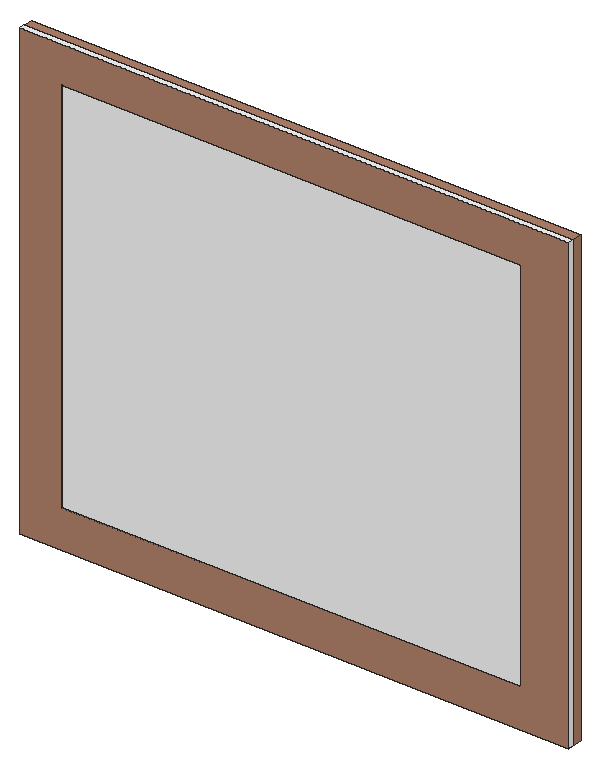
Revit family
Reference planes (in)
  plane 1: y = 0
  plane 2 "Center (Left/Right)": x = 0
  plane 3 "Wall Edge": y = 3
  plane 4: z = 127.36222
  plane 5: z = 79.36222
  plane 6: x = -36
  plane 7: x = 36
Forms (in)
  Extrusion 1, solid, material "wood"
    sketch origin (0, 3, 0) x (1, 0, 0) y (0, 0, 1)
      loop
        line (36, 127.36222) -> (-19.6576, 127.36222) -> (-19.6576, 81.36222) -> (36, 81.36222) -> (36, 127.36222)
      loop
        line (31.11903, 123.65948) -> (-15.40667, 123.65948) -> (-15.40667, 85.20849) -> (31.11903, 85.20849) -> (31.11903, 123.65948)
    from 0 to -1.5
  Extrusion 2, solid, material "Default"
    sketch origin (0, 3, 0) x (1, 0, 0) y (0, 0, 1)
      loop
        line (36, 127.36222) -> (-19.6576, 127.36222) -> (-19.6576, 81.36222) -> (36, 81.36222) -> (36, 127.36222)
    from 0 to -0.5
Lines and regions (in)
  model lines
    curve 1: line (24.26882, 3.5, 119.23335) -> (17.81727, 3.5, 120.0255)
    curve 2: line (17.81727, 3.5, 120.0255) -> (10.06727, 3.5, 120.0255)
    curve 3: line (10.06727, 3.5, 120.0255) -> (10.06727, 3.5, 119.2755)
    curve 4: line (10.06727, 3.5, 119.2755) -> (17.31727, 3.5, 119.2755)
    curve 5: line (17.31727, 3.5, 119.2755) -> (24.51323, 3.5, 118.39195)
    curve 6: line (24.51323, 3.5, 118.39195) -> (24.26882, 3.5, 119.23335)
    curve 7: line (26.10798, 3.5, 118.19614) -> (26.10798, 3.5, 117.44614)
    curve 8: line (26.10798, 3.5, 117.44614) -> (18.16761, 3.5, 118.42109)
    curve 9: line (18.16761, 3.5, 118.42109) -> (16.66761, 3.5, 118.42109)
    curve 10: line (16.66761, 3.5, 118.42109) -> (15.18773, 3.5, 119.2755)
    curve 11: line (13.69227, 3.5, 119.2755) -> (13.69227, 3.5, 111.5255)
    curve 12: line (13.69227, 3.5, 111.5255) -> (14.94227, 3.5, 111.5255)
    curve 13: line (14.94227, 3.5, 111.5255) -> (14.94227, 3.5, 118.81712)
    curve 14: line (14.94227, 3.5, 118.81712) -> (13.69227, 3.5, 118.81712)
    curve 15: line (14.69227, 3.5, 119.2755) -> (14.69227, 3.5, 118.81712)
    curve 16: line (14.94227, 3.5, 118.81712) -> (17.75685, 3.5, 117.19212)
    curve 17: line (17.75685, 3.5, 117.19212) -> (17.75685, 3.5, 111.5255)
    curve 18: line (17.16795, 3.5, 115.48004) -> (17.16795, 3.5, 111.5255)
    curve 19: line (17.16795, 3.5, 117.53212) -> (17.75685, 3.5, 115.50477)
    curve 20: line (17.16795, 3.5, 115.48004) -> (16.45175, 3.5, 117.94562)
    curve 21: line (17.75685, 3.5, 115.50477) -> (17.00685, 3.5, 115.50477)
    curve 22: line (18.19227, 3.5, 118.19614) -> (18.19227, 3.5, 111.69614)
    curve 23: line (14.56727, 3.5, 118.81712) -> (14.56727, 3.5, 111.5255)
    curve 24: line (13.69227, 3.5, 118.19614) -> (12.19227, 3.5, 118.19614)
    curve 25: line (12.19227, 3.5, 118.19614) -> (12.19227, 3.5, 118.81712)
    curve 26: line (12.19227, 3.5, 118.81712) -> (13.69227, 3.5, 118.81712)
    curve 27: line (13.19227, 3.5, 111.5255) -> (17.75685, 3.5, 111.5255)
    curve 28: arc (17.75685, 3.5, 111.5255) -> (24.47453, 3.5, 111.00313) -> (31.11903, 3.5, 109.88483) r 75.61709
    curve 29: line (13.19227, 3.5, 111.5255) -> (12.72125, 3.5, 102.53784)
    curve 30: line (12.72125, 3.5, 102.53784) -> (22.9572, 3.5, 103.07428)
    curve 31: arc (22.9572, 3.5, 103.07428) -> (26.70664, 3.5, 105.58742) -> (31.11903, 3.5, 106.53877) r 12.00836
    curve 32: line (12.72125, 3.5, 102.53784) -> (11.72125, 3.5, 100.80579)
    curve 33: line (11.72125, 3.5, 100.80579) -> (10.06727, 3.5, 100.03452)
    curve 34: line (10.06727, 3.5, 100.03452) -> (8.48123, 3.5, 99.29494)
    curve 35: line (8.48123, 3.5, 99.29494) -> (6.6851, 3.5, 95.44313)
    curve 36: line (6.6851, 3.5, 95.44313) -> (4.21023, 3.5, 92.96826)
    curve 37: line (4.21023, 3.5, 92.96826) -> (0.85147, 3.5, 89.6095)
    curve 38: line (0.85147, 3.5, 89.6095) -> (-2.64853, 3.5, 89.6095)
    curve 39: line (-2.64853, 3.5, 89.6095) -> (-4.32906, 3.5, 89.12134)
    curve 40: line (-8.40183, 3.5, 119.23335) -> (-1.95028, 3.5, 120.0255)
    curve 41: line (-1.95028, 3.5, 120.0255) -> (5.79972, 3.5, 120.0255)
    curve 42: line (5.79972, 3.5, 120.0255) -> (5.79972, 3.5, 119.2755)
    curve 43: line (5.79972, 3.5, 119.2755) -> (-1.45028, 3.5, 119.2755)
    curve 44: line (-1.45028, 3.5, 119.2755) -> (-8.64624, 3.5, 118.39195)
    curve 45: line (-8.64624, 3.5, 118.39195) -> (-8.40183, 3.5, 119.23335)
    curve 46: line (-10.24098, 3.5, 118.19614) -> (-10.24098, 3.5, 117.44614)
    curve 47: line (-10.24098, 3.5, 117.44614) -> (-2.30061, 3.5, 118.42109)
    curve 48: line (-2.30061, 3.5, 118.42109) -> (-0.80061, 3.5, 118.42109)
    curve 49: line (-0.80061, 3.5, 118.42109) -> (0.67927, 3.5, 119.2755)
    curve 50: line (2.17472, 3.5, 119.2755) -> (2.17472, 3.5, 111.5255)
    curve 51: line (2.17472, 3.5, 111.5255) -> (0.92472, 3.5, 111.5255)
    curve 52: line (0.92472, 3.5, 111.5255) -> (0.92472, 3.5, 118.81712)
    curve 53: line (0.92472, 3.5, 118.81712) -> (2.17472, 3.5, 118.81712)
    curve 54: line (1.17472, 3.5, 119.2755) -> (1.17472, 3.5, 118.81712)
    curve 55: line (0.92472, 3.5, 118.81712) -> (-1.88986, 3.5, 117.19212)
    curve 56: line (-1.88986, 3.5, 117.19212) -> (-1.88986, 3.5, 111.5255)
    curve 57: line (-1.30096, 3.5, 115.48004) -> (-1.30096, 3.5, 111.5255)
    curve 58: line (-1.30096, 3.5, 117.53212) -> (-1.88986, 3.5, 115.50477)
    curve 59: line (-1.30096, 3.5, 115.48004) -> (-0.58476, 3.5, 117.94562)
    curve 60: line (-1.88986, 3.5, 115.50477) -> (-1.13986, 3.5, 115.50477)
    curve 61: line (-2.32528, 3.5, 118.19614) -> (-2.32528, 3.5, 111.69614)
    curve 62: line (1.29972, 3.5, 118.81712) -> (1.29972, 3.5, 111.5255)
    curve 63: line (2.17472, 3.5, 118.19614) -> (3.67472, 3.5, 118.19614)
    curve 64: line (3.67472, 3.5, 118.19614) -> (3.67472, 3.5, 118.81712)
    curve 65: line (3.67472, 3.5, 118.81712) -> (2.17472, 3.5, 118.81712)
    curve 66: line (2.67472, 3.5, 111.5255) -> (-1.88986, 3.5, 111.5255)
    curve 67: arc (-1.88986, 3.5, 111.5255) -> (-8.60753, 3.5, 111.00313) -> (-15.25204, 3.5, 109.88483) r 75.61709
    curve 68: line (2.67472, 3.5, 111.5255) -> (3.14575, 3.5, 102.53784)
    curve 69: line (3.14575, 3.5, 102.53784) -> (-7.0902, 3.5, 103.07428)
    curve 70: arc (-7.0902, 3.5, 103.07428) -> (-10.83965, 3.5, 105.58742) -> (-15.25204, 3.5, 106.53877) r 12.00836
    curve 71: line (13.13963, 3.5, 110.52111) -> (7.9335, 3.5, 111.21108)
    curve 72: line (7.9335, 3.5, 111.21108) -> (7.9335, 3.5, 110.71108)
    curve 73: line (7.9335, 3.5, 110.71108) -> (10.33426, 3.5, 110.01371)
    curve 74: line (10.33426, 3.5, 110.01371) -> (13.11304, 3.5, 110.01371)
    curve 75: line (9.66378, 3.5, 110.20847) -> (12.95097, 3.5, 106.92128)
    curve 76: line (10.6835, 3.5, 110.01371) -> (13.69227, 3.5, 107.48905)
    curve 77: line (11.94227, 3.5, 110.01371) -> (13.05474, 3.5, 108.90124)
    curve 78: line (7.9335, 3.5, 110.26371) -> (7.66601, 3.5, 111.18457)
    curve 79: line (7.66601, 3.5, 111.18457) -> (1.29972, 3.5, 110.40289)
    curve 80: line (1.29972, 3.5, 110.40289) -> (0.91055, 3.5, 110.01371)
    curve 81: line (0.91055, 3.5, 110.01371) -> (7.6513, 3.5, 110.36698)
    curve 82: line (4.99582, 3.5, 110.22781) -> (2.17472, 3.5, 108.59905)
    curve 83: line (5.65404, 3.5, 110.26231) -> (2.86363, 3.5, 107.92088)
    curve 84: line (6.25296, 3.5, 109.77555) -> (3.22187, 3.5, 108.02555)
    curve 85: line (-7.0902, 3.5, 103.07428) -> (-15.38184, 3.5, 102.0562)
    curve 86: line (26.10798, 3.5, 118.19614) -> (24.45956, 3.5, 118.57671)
    curve 87: line (6.95718, 3.5, 113.45918) -> (6.95718, 3.5, 112.12478)
    curve 88: line (6.95718, 3.5, 112.12478) -> (5.01194, 3.5, 111.55973)
    curve 89: line (5.01194, 3.5, 111.55973) -> (4.12622, 3.5, 113.45918)
    curve 90: line (4.12622, 3.5, 113.45918) -> (6.95718, 3.5, 113.45918)
    curve 91: circle (5.56106, 3.5, 111.5255) r 0.5 normal (0, -1, 0)
    curve 92: circle (6.95718, 3.5, 111.69614) r 0.5 normal (0, -1, 0)
    curve 97: line (-10.24098, 3.5, 118.19614) -> (-8.56139, 3.5, 118.68403)
    curve 98: spline (13.26759, 3.5, 98.85046) -> (12.9147, 3.5, 98.8424) -> (12.22491, 3.5, 98.47394) -> (11.24523, 3.5, 97.77018) -> (10.04242, 3.5, 96.7791) -> (8.69844, 3.5, 95.56823) -> (7.3049, 3.5, 94.22008) -> (5.95676, 3.5, 92.82654) -> (4.74588, 3.5, 91.48257) -> (3.7548, 3.5, 90.27976) -> (3.05105, 3.5, 89.30007) -> (2.68259, 3.5, 88.61028) -> (2.67453, 3.5, 88.2574) -> (3.02741, 3.5, 88.26546) -> (3.7172, 3.5, 88.63392) -> (4.69689, 3.5, 89.33767) -> (5.8997, 3.5, 90.32876) -> (7.24367, 3.5, 91.53963) -> (8.63721, 3.5, 92.88777) -> (9.98536, 3.5, 94.28132) -> (11.19623, 3.5, 95.62529) -> (12.18731, 3.5, 96.8281) -> (12.89107, 3.5, 97.80778) -> (13.25953, 3.5, 98.49757) -> (13.26759, 3.5, 98.85046)
    curve 99: line (-4.32906, 3.5, 89.12134) -> (-6.15366, 3.5, 85.20849)
    curve 100: line (4.73179, 3.5, 105.4103) -> (12.87179, 3.5, 105.4103)
  symbolic lines
    curve 93: line (3.14575, 3, 102.53784) -> (4.73179, 3, 103.27742)
    curve 94: line (4.73179, 3, 103.27742) -> (4.73179, 3, 108.8973)
    curve 95: line (2.67472, 3, 111.5255) -> (4.60761, 3, 112.42682)
    curve 96: line (4.73179, 3, 110.82429) -> (4.73179, 3, 112.16053)
Text (in)
  text "Placement Side" at (0, 40.15149, 123.01588), in view "Right"
  text "Placement Side" at (-70.3804, 28.46503, 0), in view "Ref. Level"
  text "Placement Side" at (0, 81.62555, 140.59947), in view "Left"
Dimensions and locks (in)
  locked: plane 3 "Wall Edge" to host wall
  Extrusion 1 sketch curve to Extrusion 1 sketch curve = 0' - 4.88097"
  Extrusion 1 sketch curve to Extrusion 1 sketch curve = 0' - 3.70274"
  Extrusion 1 sketch curve to Extrusion 1 sketch curve = 0' - 3.84627"
  Extrusion 1 sketch curve to Extrusion 1 sketch curve = 0' - 4.25093"
